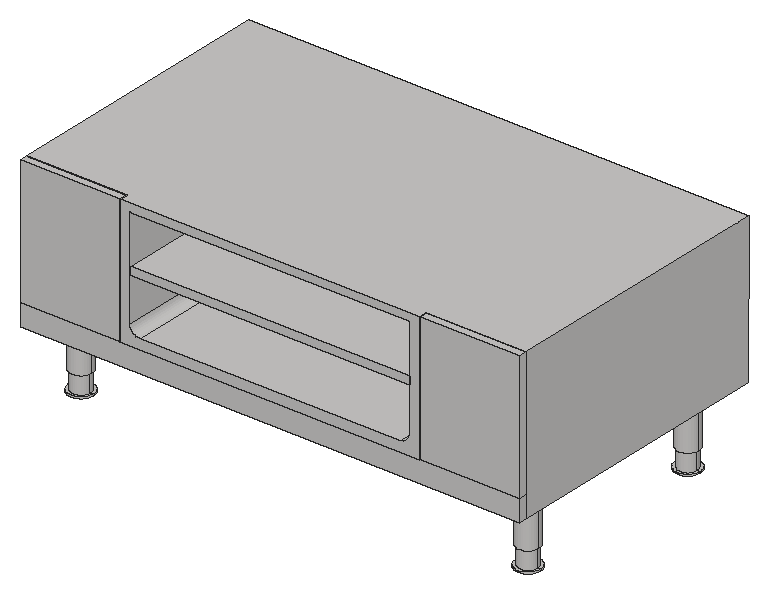
Revit family "QF_ELECTROLUXPROFESSIONAL_589803_MC1GCALOOM", category Attrezzature speciali, Revit 2021
Family settings
  Quota connettore circolare = Usa diametro
  Tipo di parte = Normale
  Basato su piano di lavoro = No
  Sempre verticale = Sì
  Taglio con vuoti quando caricato = No
  Condiviso = No
  Punto di calcolo locali = No
Parameters (values of type "Standard")
  Weight = 29.00 kg
  Watts = 0 W
  Volts = 0 V
  URL Manufacturer = "https://www.electroluxprofessional.com/"
  URL = "https://www.electroluxprofessional.com/"
  Steam Supply Size = 0"
  Steam Supply Minimum Pressure = 0.00 psi
  Steam Supply Maximum Pressure = 0.00 psi
  Steam Consumption per Hour = 0
  Refrigeration Suction Line Size = 0 mm
  Refrigeration Liquid Line Size = 0 mm
  Refrigerant Compressor Remote = yes
  Prospetto di default = 0 mm
  Phase = 0
  Modello = "MC1GCALOOM"
  Produttore = "Electrolux Professional"
  Length Actual = 1500 mm  # constant formula
  Item Number = "589803"
  Hot Water Size = 0"
  Height Actual = 450 mm  # constant formula
  HP = "0 HP"
  Gas Size = 0"
  Gas KW = 0
  Gas Input Pressure = 0.0 Btu/h
  Direct Waste Size = 0"
  Descrizione = "OPEN BASE,H3,1S,1500X900X450 MARINE"
  Depth Actual = 900 mm  # constant formula
  Cycle = 0 Hz
  Condensate Return Size = 0"
  Compressed Air Volume = 0 GPM
  Compressed Air Size = 0"
  Compressed Air Pressure = 0.00 psi
  Cold Water Size = 0"
  Accessory = yes
Reference planes
  plane 1 "BACK": y = 0
  plane 2: z = 0
  plane 3 "LEFT": x = 0
  plane 4 "RIGHT": x = 1500
  plane 5 "FRONT": y = -900
  plane 6 "PLAIN": z = 900
  plane 7 "Center (Left/Right)": x = 750
  plane 8 "Center (Front/Back)": y = -450
  plane 9 "TOP": z = 650
  plane 10 "BASE": z = 200
  plane 11: x = 1422
  plane 12: x = 78
  plane 13 "Feet_back": y = -150
  plane 14: x = 300
  plane 15: x = 1200
  plane 16: z = 265
  plane 17: y = -20
  plane 18: y = -855
  plane 19: y = -45
  plane 20: y = -880
Forms (mm)
  Extrusion 1, solid, material "QF_Finishes_Stainless Steel"
    sketch origin (0, 0, 650) x (0, 1, 0) y (0, 0, 1)
      loop
        line (-20, -450) -> (-20, 0) -> (-855, 0) -> (-855, -450) -> (-20, -450)
    from 0 to 1500
  Extrusion 2, solid, material "QF_Finishes_Stainless Steel"
    sketch origin (0, 0, 650) x (0, 1, 0) y (0, 0, 1)
      loop
        line (-880, -450) -> (-855, -450) -> (-855, -385) -> (-880, -385) -> (-880, -450)
    from 0 to 1500
  Extrusion 3, void
    sketch origin (0, -900, 0) x (1, 0, 0) y (0, 0, 1)
      loop
        line (300, 650) -> (300, 265) -> (1200, 265) -> (1200, 650) -> (300, 650)
    from 0 to -855
  Extrusion 4, solid, material "QF_Finishes_Stainless Steel"
    sketch origin (0, -900, 0) x (1, 0, 0) y (0, 0, 1)
      loop
        line (330, 650) -> (330, 627) -> (1170, 627) -> (1170, 650) -> (330, 650)
    from -20 to -880
  Extrusion 5, solid, material "QF_Finishes_Stainless Steel"
    sketch origin (0, -900, 0) x (1, 0, 0) y (0, 0, 1)
      loop
        line (300, 650) -> (300, 265) -> (1200, 265) -> (1200, 650) -> (1170, 650) -> (1170, 325)
        arc (1170, 325) -> (1161.213, 303.787) -> (1140, 295) r 30
        line (1140, 295) -> (360, 295)
        arc (360, 295) -> (338.787, 303.787) -> (330, 325) r 30
        line (330, 325) -> (330, 650) -> (300, 650)
    from -20 to -855
  Extrusion 6, solid, material "QF_Finishes_Stainless Steel"
    sketch origin (0, -900, 0) x (1, 0, 0) y (0, 0, 1)
      loop
        line (0, 650) -> (0, 265) -> (300, 265) -> (300, 650) -> (0, 650)
    from -20 to -45
  Extrusion 7, solid, material "QF_Finishes_Stainless Steel"
    sketch origin (0, -900, 0) x (1, 0, 0) y (0, 0, 1)
      loop
        line (1200, 650) -> (1200, 265) -> (1500, 265) -> (1500, 650) -> (1200, 650)
    from -20 to -45
  Extrusion 8, solid, material "QF_Finishes_Stainless Steel"
    sketch origin (0, -900, -170) x (1, 0, 0) y (0, 0, 1)
      loop
        line (330, 650) -> (330, 627) -> (1170, 627) -> (1170, 650) -> (330, 650)
    from -20 to -855
Cuts and joins
  Extrusion 3 cuts Extrusion 1
  joined: Extrusion 1, Extrusion 4, Extrusion 5
Lines and regions (mm)
  symbolic lines, style "SpecialityEquipmentHiddenLines"
    curve 1: line (0, 0, 0) -> (1500, 0, 0)
    curve 2: line (0, -900, 0) -> (0, 0, 0)
    curve 3: line (1500, -900, 0) -> (0, -900, 0)
    curve 4: line (1500, 0, 0) -> (1500, -900, 0)
Dimensions and locks
  plane 3 "LEFT" to plane 4 "RIGHT" = 1500 mm
  plane 5 "FRONT" to plane 1 "BACK" = 900 mm
  equal spacing: plane 3 "LEFT", plane 7 "Center (Left/Right)", plane 4 "RIGHT"
  equal spacing: plane 5 "FRONT", plane 8 "Center (Front/Back)", plane 1 "BACK"
  plane 6 "PLAIN" to plane 9 "TOP" = 250 mm
  plane 10 "BASE" to level = 200 mm
  plane 9 "TOP" to plane 10 "BASE" = 450 mm
  locked: plane 1 "BACK" to plane 13 "Feet_back" at 150
  locked: plane 12 to plane 3 "LEFT" at 78
  locked: plane 11 to plane 4 "RIGHT" at 78
  plane 15 to plane 14 = 900 mm
  equal spacing: plane 15, plane 7 "Center (Left/Right)", plane 14
  locked: plane 16 to plane 10 "BASE" at 65
  locked: plane 1 "BACK" to plane 17 at 20
  plane 9 "TOP" to Extrusion 4 sketch curve = 23 mm
  locked: Extrusion 4 sketch curve to plane 14 at 30
  locked: plane 15 to Extrusion 4 sketch curve at 30
  locked: Extrusion 5 sketch curve to plane 16 at 30
  plane 6 "PLAIN" to level = 900 mm
  Extrusion 5 to Extrusion 5 = 840 mm
  locked: plane 17 to plane 19 at 25
  locked: plane 20 to plane 5 "FRONT" at 20
  locked: plane 18 to plane 20 at 25
  plane 17 to plane 20 = 860 mm
  aligned and locked: level to plane 2
  aligned and locked: Extrusion 1 to plane 4 "RIGHT"
  aligned and locked: Extrusion 1 to plane 3 "LEFT"
  aligned and locked: Extrusion 2 to plane 4 "RIGHT"
  aligned and locked: plane 9 "TOP" to Extrusion 3 sketch curve
  aligned and locked: Extrusion 3 sketch curve to plane 14
  aligned and locked: plane 15 to Extrusion 3 sketch curve
  aligned and locked: Extrusion 2 to plane 10 "BASE"
  aligned and locked: Extrusion 2 to plane 16
  aligned and locked: plane 16 to Extrusion 3 sketch curve
  aligned and locked: Extrusion 4 to plane 17
  aligned and locked: Extrusion 5 sketch curve to plane 14
  aligned and locked: plane 15 to Extrusion 5 sketch curve
  aligned and locked: plane 9 "TOP" to Extrusion 5 sketch curve  (x2)
  aligned and locked: plane 16 to Extrusion 5 sketch curve
  aligned and locked: Extrusion 5 sketch curve to Extrusion 4  (x2)
  aligned and locked: Extrusion 6 sketch curve to plane 9 "TOP"
  aligned and locked: plane 3 "LEFT" to Extrusion 6 sketch curve
  aligned and locked: Extrusion 6 sketch curve to plane 16
  aligned and locked: Extrusion 6 sketch curve to plane 14
  aligned and locked: Extrusion 7 sketch curve to plane 9 "TOP"
  aligned and locked: plane 15 to Extrusion 7 sketch curve
  aligned and locked: Extrusion 7 sketch curve to plane 16
  aligned and locked: plane 4 "RIGHT" to Extrusion 7 sketch curve
  aligned and locked: Extrusion 5 to plane 19
  aligned and locked: cut or joined group of Extrusion 1, Extrusion 3, Extrusion 4, Extrusion 5 to plane 19
  aligned and locked: cut or joined group of Extrusion 1, Extrusion 3, Extrusion 4, Extrusion 5 to plane 17
  aligned and locked: Extrusion 6 to plane 18
  aligned and locked: plane 20 to Extrusion 6
  aligned and locked: plane 20 to Extrusion 5
  aligned and locked: plane 20 to Extrusion 7
  aligned and locked: Extrusion 7 to plane 18
  aligned and locked: Extrusion 2 to plane 18
  aligned and locked: plane 20 to Extrusion 2
  aligned and locked: plane 20 to cut or joined group of Extrusion 1, Extrusion 3, Extrusion 4, Extrusion 5
  aligned and locked: Extrusion 8 to plane 19
  aligned and locked: plane 12 to nested 1
  aligned and locked: plane 11 to nested 2
  aligned and locked: plane 13 "Feet_back" to nested 1
  aligned and locked: plane 13 "Feet_back" to nested 2
Automatic sketch dimensions
  curve 3 to plane 3 "LEFT" = 0 mm
  curve 3 to plane 4 "RIGHT" = 0 mm
  plane 5 "FRONT" to curve 3 = 0 mm
  plane 1 "BACK" to curve 2 = 0 mm
  Extrusion 1 sketch curve to plane 10 "BASE" = 0 mm
  Extrusion 1 sketch curve to plane 18 = 0 mm
  Extrusion 1 sketch curve to plane 17 = 0 mm
  Extrusion 1 sketch curve to plane 9 "TOP" = 0 mm
  plane 16 to Extrusion 2 sketch curve = 0 mm
  Extrusion 2 sketch curve to plane 20 = 0 mm
  Extrusion 2 sketch curve to plane 10 "BASE" = 0 mm
  Extrusion 2 sketch curve to plane 18 = 0 mm
  Extrusion 4 sketch curve to plane 9 "TOP" = 0 mm
  Extrusion 5 sketch curve to Extrusion 5 sketch curve = 30 mm  (x2)
  plane 14 to Extrusion 8 sketch curve = 30 mm
  Extrusion 8 sketch curve to plane 15 = 30 mm
  Extrusion 8 sketch curve to plane 9 "TOP" = 193 mm
  Extrusion 8 sketch curve to Extrusion 8 sketch curve = 23 mm
Nested families
  nested 1: "FEET200_MARINE" at (78, -150, 0), type "FEET200_MARINE"
  nested 2: "FEET200_MARINE" at (1422, -150, 0), type "FEET200_MARINE"
  nested 3: "FEET200_MARINE" at (78, -750, 0), type "FEET200_MARINE"
  nested 4: "FEET200_MARINE" at (1422, -750, 0), type "FEET200_MARINE"
Definition of nested family "FEET200_MARINE"
  Parameters (values of type "FEET200_MARINE")
    Default Elevation = 0 mm
    FEET = 200 mm
  Reference planes
    plane 1 "Center (Front/Back)": y = 0
    plane 2: z = 0
    plane 3 "Center (Left/Right)": x = 0
    plane 4: z = 200
  Forms (mm)
    Revolve 1, solid
      sketch origin (0, 0, 0) x (1, 0, 0) y (0, 0, 1)
        loop
          line (0, 200) -> (-38, 200) -> (-38, 196) -> (-33, 196) -> (-33, 59) -> (-28, 59) -> (-28, 4) -> (-38, 4) -> (-38, 0) -> (0, 0) -> (0, 200)
        axis (0, 0) -> (0, 200)
      angle from 0 to 360
  Lines and regions (mm)
    symbolic lines
      curve 1: line (0, -1.503, 0) -> (0, 1.508, 0)
      curve 2: line (1.561, 0, 0) -> (-1.439, 0, 0)
  Dimensions and locks
    "FEET": plane 4 to plane 2
    aligned and locked: level to plane 2
  Automatic sketch dimensions
    plane 1 "Center (Front/Back)" to curve 2 = 0 mm
    curve 1 to plane 3 "Center (Left/Right)" = 0 mm
    curve 2 to plane 3 "Center (Left/Right)" = 1.439 mm
    plane 3 "Center (Left/Right)" to curve 2 = 1.561 mm
    plane 1 "Center (Front/Back)" to curve 1 = 1.503 mm
    curve 1 to plane 1 "Center (Front/Back)" = 1.508 mm
    Revolve 1 sketch curve to plane 4 = 0 mm
    Revolve 1 sketch curve to level = 0 mm  (x2)
    Revolve 1 sketch curve to plane 3 "Center (Left/Right)" = 0 mm  (x2)
    Revolve 1 sketch curve to plane 3 "Center (Left/Right)" = 28 mm
    Revolve 1 sketch curve to Revolve 1 sketch curve = 5 mm  (x2)
    level to Revolve 1 sketch curve = 4 mm
    Revolve 1 sketch curve to Revolve 1 sketch curve = 10 mm
    Revolve 1 sketch curve to Revolve 1 sketch curve = 55 mm
    plane 4 to Revolve 1 sketch curve = 40 mm
    Revolve 1 sketch curve to plane 4 = 4 mm
